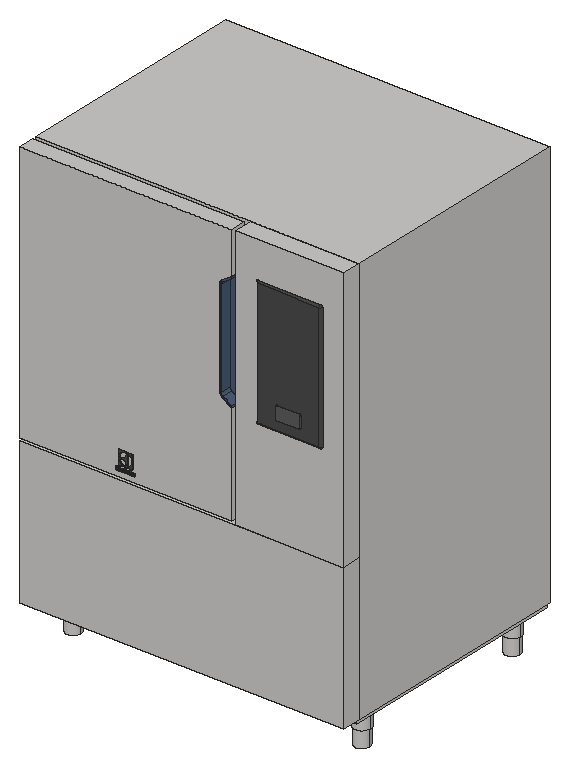
Revit family "QF_ELECTROLUXPROFESSIONAL_727741_EBFA12RE", category Specialty Equipment, Revit 2018 (continued)
Lines and regions (mm)
  Split face 219
    outline origin (170.176, -292.149, -241.619) x (-1, 0, 0) y (0, 0, -1)
      loop
        line (846.638, -548.639) -> (956.654, -548.639) -> (956.654, -543.665) -> (846.638, -543.665) -> (846.638, -548.639)
  Split face 220
    outline origin (170.176, -292.149, -232.119) x (-1, 0, 0) y (0, 0, -1)
      loop
        line (846.638, -548.639) -> (956.654, -548.639) -> (956.654, -543.665) -> (846.638, -543.665) -> (846.638, -548.639)
  Split face 221
    outline origin (170.176, -292.149, -222.619) x (-1, 0, 0) y (0, 0, -1)
      loop
        line (846.638, -548.639) -> (956.654, -548.639) -> (956.654, -543.665) -> (846.638, -543.665) -> (846.638, -548.639)
  Split face 222
    outline origin (170.176, -292.149, -213.119) x (-1, 0, 0) y (0, 0, -1)
      loop
        line (846.638, -548.639) -> (956.654, -548.639) -> (956.654, -543.665) -> (846.638, -543.665) -> (846.638, -548.639)
  Split face 223
    outline origin (170.176, -292.149, -203.619) x (-1, 0, 0) y (0, 0, -1)
      loop
        line (846.638, -548.639) -> (956.654, -548.639) -> (956.654, -543.665) -> (846.638, -543.665) -> (846.638, -548.639)
  Split face 224
    outline origin (170.176, -292.149, -194.118) x (-1, 0, 0) y (0, 0, -1)
      loop
        line (846.638, -548.639) -> (956.654, -548.639) -> (956.654, -543.665) -> (846.638, -543.665) -> (846.638, -548.639)
  Split face 225
    outline origin (170.176, -292.149, -184.618) x (-1, 0, 0) y (0, 0, -1)
      loop
        line (846.638, -548.639) -> (956.654, -548.639) -> (956.654, -543.665) -> (846.638, -543.665) -> (846.638, -548.639)
  Split face 226
    outline origin (170.176, -292.149, -175.118) x (-1, 0, 0) y (0, 0, -1)
      loop
        line (846.638, -548.639) -> (956.654, -548.639) -> (956.654, -543.665) -> (846.638, -543.665) -> (846.638, -548.639)
  Split face 227
    outline origin (170.176, -292.149, -165.618) x (-1, 0, 0) y (0, 0, -1)
      loop
        line (846.638, -548.639) -> (956.654, -548.639) -> (956.654, -543.665) -> (846.638, -543.665) -> (846.638, -548.639)
  Split face 228
    outline origin (170.176, -292.149, -156.118) x (-1, 0, 0) y (0, 0, -1)
      loop
        line (846.638, -548.639) -> (956.654, -548.639) -> (956.654, -543.665) -> (846.638, -543.665) -> (846.638, -548.639)
  Split face 229
    outline origin (170.176, -292.149, -146.618) x (-1, 0, 0) y (0, 0, -1)
      loop
        line (846.638, -548.639) -> (956.654, -548.639) -> (956.654, -543.665) -> (846.638, -543.665) -> (846.638, -548.639)
  Split face 230
    outline origin (170.176, -292.149, -137.118) x (-1, 0, 0) y (0, 0, -1)
      loop
        line (846.638, -548.639) -> (956.654, -548.639) -> (956.654, -543.665) -> (846.638, -543.665) -> (846.638, -548.639)
  Split face 231
    outline origin (170.176, -292.149, -127.618) x (-1, 0, 0) y (0, 0, -1)
      loop
        line (846.638, -548.639) -> (956.654, -548.639) -> (956.654, -543.665) -> (846.638, -543.665) -> (846.638, -548.639)
  Split face 232
    outline origin (170.176, -292.149, -118.118) x (-1, 0, 0) y (0, 0, -1)
      loop
        line (846.638, -548.639) -> (956.654, -548.639) -> (956.654, -543.665) -> (846.638, -543.665) -> (846.638, -548.639)
  Split face 233
    outline origin (170.176, -292.149, -108.618) x (-1, 0, 0) y (0, 0, -1)
      loop
        line (846.638, -548.639) -> (956.654, -548.639) -> (956.654, -543.665) -> (846.638, -543.665) -> (846.638, -548.639)
  Split face 234
    outline origin (170.176, -292.149, -99.118) x (-1, 0, 0) y (0, 0, -1)
      loop
        line (846.638, -548.639) -> (956.654, -548.639) -> (956.654, -543.665) -> (846.638, -543.665) -> (846.638, -548.639)
  Split face 235
    outline origin (170.176, -292.149, -89.618) x (-1, 0, 0) y (0, 0, -1)
      loop
        line (846.638, -548.639) -> (956.654, -548.639) -> (956.654, -543.665) -> (846.638, -543.665) -> (846.638, -548.639)
  Split face 236
    outline origin (170.176, -292.149, -80.117) x (-1, 0, 0) y (0, 0, -1)
      loop
        line (846.638, -548.639) -> (956.654, -548.639) -> (956.654, -543.665) -> (846.638, -543.665) -> (846.638, -548.639)
  Split face 237
    outline origin (170.176, -292.149, -70.617) x (-1, 0, 0) y (0, 0, -1)
      loop
        line (846.638, -548.639) -> (956.654, -548.639) -> (956.654, -543.665) -> (846.638, -543.665) -> (846.638, -548.639)
  Split face 238
    outline origin (170.176, -292.149, -61.117) x (-1, 0, 0) y (0, 0, -1)
      loop
        line (846.638, -548.639) -> (956.654, -548.639) -> (956.654, -543.665) -> (846.638, -543.665) -> (846.638, -548.639)
  Split face 239
    outline origin (170.176, -292.149, -51.617) x (-1, 0, 0) y (0, 0, -1)
      loop
        line (846.638, -548.639) -> (956.654, -548.639) -> (956.654, -543.665) -> (846.638, -543.665) -> (846.638, -548.639)
  Split face 240
    outline origin (170.176, -292.149, -42.117) x (-1, 0, 0) y (0, 0, -1)
      loop
        line (846.638, -548.639) -> (956.654, -548.639) -> (956.654, -543.665) -> (846.638, -543.665) -> (846.638, -548.639)
  Split face 241
    outline origin (170.176, -292.149, -32.617) x (-1, 0, 0) y (0, 0, -1)
      loop
        line (846.638, -548.639) -> (956.654, -548.639) -> (956.654, -543.665) -> (846.638, -543.665) -> (846.638, -548.639)
  Split face 242
    outline origin (170.176, -292.149, -23.117) x (-1, 0, 0) y (0, 0, -1)
      loop
        line (846.638, -548.639) -> (956.654, -548.639) -> (956.654, -543.665) -> (846.638, -543.665) -> (846.638, -548.639)
  Split face 243
    outline origin (170.176, -292.149, -13.617) x (-1, 0, 0) y (0, 0, -1)
      loop
        line (846.638, -548.639) -> (956.654, -548.639) -> (956.654, -543.665) -> (846.638, -543.665) -> (846.638, -548.639)
  Split face 244
    outline origin (170.176, -292.149, -4.117) x (-1, 0, 0) y (0, 0, -1)
      loop
        line (846.638, -548.639) -> (956.654, -548.639) -> (956.654, -543.665) -> (846.638, -543.665) -> (846.638, -548.639)
  Split face 245
    outline origin (170.176, -292.149, 5.383) x (-1, 0, 0) y (0, 0, -1)
      loop
        line (846.638, -548.639) -> (956.654, -548.639) -> (956.654, -543.665) -> (846.638, -543.665) -> (846.638, -548.639)
  Split face 246
    outline origin (170.176, -292.149, 14.883) x (-1, 0, 0) y (0, 0, -1)
      loop
        line (846.638, -548.639) -> (956.654, -548.639) -> (956.654, -543.665) -> (846.638, -543.665) -> (846.638, -548.639)
  Split face 247
    outline origin (50.185, -292.149, -365.12) x (-1, 0, 0) y (0, 0, -1)
      loop
        line (846.638, -548.639) -> (956.654, -548.639) -> (956.654, -543.665) -> (846.638, -543.665) -> (846.638, -548.639)
  Split face 248
    outline origin (50.185, -292.149, -355.62) x (-1, 0, 0) y (0, 0, -1)
      loop
        line (846.638, -548.639) -> (956.654, -548.639) -> (956.654, -543.665) -> (846.638, -543.665) -> (846.638, -548.639)
  Split face 249
    outline origin (50.185, -292.149, -346.12) x (-1, 0, 0) y (0, 0, -1)
      loop
        line (846.638, -548.639) -> (956.654, -548.639) -> (956.654, -543.665) -> (846.638, -543.665) -> (846.638, -548.639)
  Split face 250
    outline origin (50.185, -292.149, -336.62) x (-1, 0, 0) y (0, 0, -1)
      loop
        line (846.638, -548.639) -> (956.654, -548.639) -> (956.654, -543.665) -> (846.638, -543.665) -> (846.638, -548.639)
  Split face 251
    outline origin (50.185, -292.149, -327.12) x (-1, 0, 0) y (0, 0, -1)
      loop
        line (846.638, -548.639) -> (956.654, -548.639) -> (956.654, -543.665) -> (846.638, -543.665) -> (846.638, -548.639)
  Split face 252
    outline origin (50.185, -292.149, -317.619) x (-1, 0, 0) y (0, 0, -1)
      loop
        line (846.638, -548.639) -> (956.654, -548.639) -> (956.654, -543.665) -> (846.638, -543.665) -> (846.638, -548.639)
  Split face 253
    outline origin (50.185, -292.149, -308.119) x (-1, 0, 0) y (0, 0, -1)
      loop
        line (846.638, -548.639) -> (956.654, -548.639) -> (956.654, -543.665) -> (846.638, -543.665) -> (846.638, -548.639)
  Split face 254
    outline origin (50.185, -292.149, -298.619) x (-1, 0, 0) y (0, 0, -1)
      loop
        line (846.638, -548.639) -> (956.654, -548.639) -> (956.654, -543.665) -> (846.638, -543.665) -> (846.638, -548.639)
  Split face 255
    outline origin (50.185, -292.149, -289.119) x (-1, 0, 0) y (0, 0, -1)
      loop
        line (846.638, -548.639) -> (956.654, -548.639) -> (956.654, -543.665) -> (846.638, -543.665) -> (846.638, -548.639)
  Split face 256
    outline origin (50.185, -292.149, -279.619) x (-1, 0, 0) y (0, 0, -1)
      loop
        line (846.638, -548.639) -> (956.654, -548.639) -> (956.654, -543.665) -> (846.638, -543.665) -> (846.638, -548.639)
  Split face 257
    outline origin (50.185, -292.149, -270.119) x (-1, 0, 0) y (0, 0, -1)
      loop
        line (846.638, -548.639) -> (956.654, -548.639) -> (956.654, -543.665) -> (846.638, -543.665) -> (846.638, -548.639)
  Split face 258
    outline origin (50.185, -292.149, -260.619) x (-1, 0, 0) y (0, 0, -1)
      loop
        line (846.638, -548.639) -> (956.654, -548.639) -> (956.654, -543.665) -> (846.638, -543.665) -> (846.638, -548.639)
  Split face 259
    outline origin (50.185, -292.149, -251.119) x (-1, 0, 0) y (0, 0, -1)
      loop
        line (846.638, -548.639) -> (956.654, -548.639) -> (956.654, -543.665) -> (846.638, -543.665) -> (846.638, -548.639)
  Split face 260
    outline origin (50.185, -292.149, -241.619) x (-1, 0, 0) y (0, 0, -1)
      loop
        line (846.638, -548.639) -> (956.654, -548.639) -> (956.654, -543.665) -> (846.638, -543.665) -> (846.638, -548.639)
  Split face 261
    outline origin (50.185, -292.149, -232.119) x (-1, 0, 0) y (0, 0, -1)
      loop
        line (846.638, -548.639) -> (956.654, -548.639) -> (956.654, -543.665) -> (846.638, -543.665) -> (846.638, -548.639)
  Split face 262
    outline origin (50.185, -292.149, -222.619) x (-1, 0, 0) y (0, 0, -1)
      loop
        line (846.638, -548.639) -> (956.654, -548.639) -> (956.654, -543.665) -> (846.638, -543.665) -> (846.638, -548.639)
  Split face 263
    outline origin (50.185, -292.149, -213.119) x (-1, 0, 0) y (0, 0, -1)
      loop
        line (846.638, -548.639) -> (956.654, -548.639) -> (956.654, -543.665) -> (846.638, -543.665) -> (846.638, -548.639)
  Split face 264
    outline origin (50.185, -292.149, -203.619) x (-1, 0, 0) y (0, 0, -1)
      loop
        line (846.638, -548.639) -> (956.654, -548.639) -> (956.654, -543.665) -> (846.638, -543.665) -> (846.638, -548.639)
  Split face 265
    outline origin (50.185, -292.149, -194.118) x (-1, 0, 0) y (0, 0, -1)
      loop
        line (846.638, -548.639) -> (956.654, -548.639) -> (956.654, -543.665) -> (846.638, -543.665) -> (846.638, -548.639)
  Split face 266
    outline origin (50.185, -292.149, -184.618) x (-1, 0, 0) y (0, 0, -1)
      loop
        line (846.638, -548.639) -> (956.654, -548.639) -> (956.654, -543.665) -> (846.638, -543.665) -> (846.638, -548.639)
  Split face 267
    outline origin (50.185, -292.149, -175.118) x (-1, 0, 0) y (0, 0, -1)
      loop
        line (846.638, -548.639) -> (956.654, -548.639) -> (956.654, -543.665) -> (846.638, -543.665) -> (846.638, -548.639)
  Split face 268
    outline origin (50.185, -292.149, -165.618) x (-1, 0, 0) y (0, 0, -1)
      loop
        line (846.638, -548.639) -> (956.654, -548.639) -> (956.654, -543.665) -> (846.638, -543.665) -> (846.638, -548.639)
  Split face 269
    outline origin (50.185, -292.149, -156.118) x (-1, 0, 0) y (0, 0, -1)
      loop
        line (846.638, -548.639) -> (956.654, -548.639) -> (956.654, -543.665) -> (846.638, -543.665) -> (846.638, -548.639)
  Split face 270
    outline origin (50.185, -292.149, -146.618) x (-1, 0, 0) y (0, 0, -1)
      loop
        line (846.638, -548.639) -> (956.654, -548.639) -> (956.654, -543.665) -> (846.638, -543.665) -> (846.638, -548.639)
  Split face 271
    outline origin (50.185, -292.149, -137.118) x (-1, 0, 0) y (0, 0, -1)
      loop
        line (846.638, -548.639) -> (956.654, -548.639) -> (956.654, -543.665) -> (846.638, -543.665) -> (846.638, -548.639)
  Split face 272
    outline origin (50.185, -292.149, -127.618) x (-1, 0, 0) y (0, 0, -1)
      loop
        line (846.638, -548.639) -> (956.654, -548.639) -> (956.654, -543.665) -> (846.638, -543.665) -> (846.638, -548.639)
  Split face 273
    outline origin (50.185, -292.149, -118.118) x (-1, 0, 0) y (0, 0, -1)
      loop
        line (846.638, -548.639) -> (956.654, -548.639) -> (956.654, -543.665) -> (846.638, -543.665) -> (846.638, -548.639)
  Split face 274
    outline origin (50.185, -292.149, -108.618) x (-1, 0, 0) y (0, 0, -1)
      loop
        line (846.638, -548.639) -> (956.654, -548.639) -> (956.654, -543.665) -> (846.638, -543.665) -> (846.638, -548.639)
  Split face 275
    outline origin (50.185, -292.149, -99.118) x (-1, 0, 0) y (0, 0, -1)
      loop
        line (846.638, -548.639) -> (956.654, -548.639) -> (956.654, -543.665) -> (846.638, -543.665) -> (846.638, -548.639)
  Split face 276
    outline origin (50.185, -292.149, -89.618) x (-1, 0, 0) y (0, 0, -1)
      loop
        line (846.638, -548.639) -> (956.654, -548.639) -> (956.654, -543.665) -> (846.638, -543.665) -> (846.638, -548.639)
  Split face 277
    outline origin (50.185, -292.149, -80.117) x (-1, 0, 0) y (0, 0, -1)
      loop
        line (846.638, -548.639) -> (956.654, -548.639) -> (956.654, -543.665) -> (846.638, -543.665) -> (846.638, -548.639)
  Split face 278
    outline origin (50.185, -292.149, -70.617) x (-1, 0, 0) y (0, 0, -1)
      loop
        line (846.638, -548.639) -> (956.654, -548.639) -> (956.654, -543.665) -> (846.638, -543.665) -> (846.638, -548.639)
  Split face 279
    outline origin (50.185, -292.149, -61.117) x (-1, 0, 0) y (0, 0, -1)
      loop
        line (846.638, -548.639) -> (956.654, -548.639) -> (956.654, -543.665) -> (846.638, -543.665) -> (846.638, -548.639)
  Split face 280
    outline origin (50.185, -292.149, -51.617) x (-1, 0, 0) y (0, 0, -1)
      loop
        line (846.638, -548.639) -> (956.654, -548.639) -> (956.654, -543.665) -> (846.638, -543.665) -> (846.638, -548.639)
  Split face 281
    outline origin (50.185, -292.149, -42.117) x (-1, 0, 0) y (0, 0, -1)
      loop
        line (846.638, -548.639) -> (956.654, -548.639) -> (956.654, -543.665) -> (846.638, -543.665) -> (846.638, -548.639)
  Split face 282
    outline origin (50.185, -292.149, -32.617) x (-1, 0, 0) y (0, 0, -1)
      loop
        line (846.638, -548.639) -> (956.654, -548.639) -> (956.654, -543.665) -> (846.638, -543.665) -> (846.638, -548.639)
  Split face 283
    outline origin (50.185, -292.149, -23.117) x (-1, 0, 0) y (0, 0, -1)
      loop
        line (846.638, -548.639) -> (956.654, -548.639) -> (956.654, -543.665) -> (846.638, -543.665) -> (846.638, -548.639)
  Split face 284
    outline origin (50.185, -292.149, -13.617) x (-1, 0, 0) y (0, 0, -1)
      loop
        line (846.638, -548.639) -> (956.654, -548.639) -> (956.654, -543.665) -> (846.638, -543.665) -> (846.638, -548.639)
  Split face 285
    outline origin (50.185, -292.149, -4.117) x (-1, 0, 0) y (0, 0, -1)
      loop
        line (846.638, -548.639) -> (956.654, -548.639) -> (956.654, -543.665) -> (846.638, -543.665) -> (846.638, -548.639)
  Split face 286
    outline origin (50.185, -292.149, 5.383) x (-1, 0, 0) y (0, 0, -1)
      loop
        line (846.638, -548.639) -> (956.654, -548.639) -> (956.654, -543.665) -> (846.638, -543.665) -> (846.638, -548.639)
  Split face 287
    outline origin (50.185, -292.149, 14.883) x (-1, 0, 0) y (0, 0, -1)
      loop
        line (846.638, -548.639) -> (956.654, -548.639) -> (956.654, -543.665) -> (846.638, -543.665) -> (846.638, -548.639)
  Split face 288
    outline origin (530.15, -292.149, -365.12) x (-1, 0, 0) y (0, 0, -1)
      loop
        line (846.638, -548.639) -> (956.654, -548.639) -> (956.654, -543.665) -> (846.638, -543.665) -> (846.638, -548.639)
  Split face 289
    outline origin (530.15, -292.149, -355.62) x (-1, 0, 0) y (0, 0, -1)
      loop
        line (846.638, -548.639) -> (956.654, -548.639) -> (956.654, -543.665) -> (846.638, -543.665) -> (846.638, -548.639)
  Split face 290
    outline origin (530.15, -292.149, -346.12) x (-1, 0, 0) y (0, 0, -1)
      loop
        line (846.638, -548.639) -> (956.654, -548.639) -> (956.654, -543.665) -> (846.638, -543.665) -> (846.638, -548.639)
  Split face 291
    outline origin (530.15, -292.149, -336.62) x (-1, 0, 0) y (0, 0, -1)
      loop
        line (846.638, -548.639) -> (956.654, -548.639) -> (956.654, -543.665) -> (846.638, -543.665) -> (846.638, -548.639)
  Split face 292
    outline origin (530.15, -292.149, -327.12) x (-1, 0, 0) y (0, 0, -1)
      loop
        line (846.638, -548.639) -> (956.654, -548.639) -> (956.654, -543.665) -> (846.638, -543.665) -> (846.638, -548.639)
  Split face 293
    outline origin (530.15, -292.149, -317.619) x (-1, 0, 0) y (0, 0, -1)
      loop
        line (846.638, -548.639) -> (956.654, -548.639) -> (956.654, -543.665) -> (846.638, -543.665) -> (846.638, -548.639)
  Split face 294
    outline origin (530.15, -292.149, -308.119) x (-1, 0, 0) y (0, 0, -1)
      loop
        line (846.638, -548.639) -> (956.654, -548.639) -> (956.654, -543.665) -> (846.638, -543.665) -> (846.638, -548.639)
  Split face 295
    outline origin (530.15, -292.149, -298.619) x (-1, 0, 0) y (0, 0, -1)
      loop
        line (846.638, -548.639) -> (956.654, -548.639) -> (956.654, -543.665) -> (846.638, -543.665) -> (846.638, -548.639)
  Split face 296
    outline origin (530.15, -292.149, -289.119) x (-1, 0, 0) y (0, 0, -1)
      loop
        line (846.638, -548.639) -> (956.654, -548.639) -> (956.654, -543.665) -> (846.638, -543.665) -> (846.638, -548.639)
  Split face 297
    outline origin (530.15, -292.149, -279.619) x (-1, 0, 0) y (0, 0, -1)
      loop
        line (846.638, -548.639) -> (956.654, -548.639) -> (956.654, -543.665) -> (846.638, -543.665) -> (846.638, -548.639)
  Split face 298
    outline origin (530.15, -292.149, -270.119) x (-1, 0, 0) y (0, 0, -1)
      loop
        line (846.638, -548.639) -> (956.654, -548.639) -> (956.654, -543.665) -> (846.638, -543.665) -> (846.638, -548.639)
  Split face 299
    outline origin (530.15, -292.149, -260.619) x (-1, 0, 0) y (0, 0, -1)
      loop
        line (846.638, -548.639) -> (956.654, -548.639) -> (956.654, -543.665) -> (846.638, -543.665) -> (846.638, -548.639)
  Split face 300
    outline origin (530.15, -292.149, -251.119) x (-1, 0, 0) y (0, 0, -1)
      loop
        line (846.638, -548.639) -> (956.654, -548.639) -> (956.654, -543.665) -> (846.638, -543.665) -> (846.638, -548.639)
  Split face 301
    outline origin (530.15, -292.149, -241.619) x (-1, 0, 0) y (0, 0, -1)
      loop
        line (846.638, -548.639) -> (956.654, -548.639) -> (956.654, -543.665) -> (846.638, -543.665) -> (846.638, -548.639)
  Split face 302
    outline origin (530.15, -292.149, -232.119) x (-1, 0, 0) y (0, 0, -1)
      loop
        line (846.638, -548.639) -> (956.654, -548.639) -> (956.654, -543.665) -> (846.638, -543.665) -> (846.638, -548.639)
  Split face 303
    outline origin (530.15, -292.149, -222.619) x (-1, 0, 0) y (0, 0, -1)
      loop
        line (846.638, -548.639) -> (956.654, -548.639) -> (956.654, -543.665) -> (846.638, -543.665) -> (846.638, -548.639)
  Split face 304
    outline origin (530.15, -292.149, -213.119) x (-1, 0, 0) y (0, 0, -1)
      loop
        line (846.638, -548.639) -> (956.654, -548.639) -> (956.654, -543.665) -> (846.638, -543.665) -> (846.638, -548.639)
  Split face 305
    outline origin (530.15, -292.149, -203.619) x (-1, 0, 0) y (0, 0, -1)
      loop
        line (846.638, -548.639) -> (956.654, -548.639) -> (956.654, -543.665) -> (846.638, -543.665) -> (846.638, -548.639)
  Split face 306
    outline origin (530.15, -292.149, -194.118) x (-1, 0, 0) y (0, 0, -1)
      loop
        line (846.638, -548.639) -> (956.654, -548.639) -> (956.654, -543.665) -> (846.638, -543.665) -> (846.638, -548.639)
  Split face 307
    outline origin (530.15, -292.149, -184.618) x (-1, 0, 0) y (0, 0, -1)
      loop
        line (846.638, -548.639) -> (956.654, -548.639) -> (956.654, -543.665) -> (846.638, -543.665) -> (846.638, -548.639)
  Split face 308
    outline origin (530.15, -292.149, -175.118) x (-1, 0, 0) y (0, 0, -1)
      loop
        line (846.638, -548.639) -> (956.654, -548.639) -> (956.654, -543.665) -> (846.638, -543.665) -> (846.638, -548.639)
  Split face 309
    outline origin (530.15, -292.149, -165.618) x (-1, 0, 0) y (0, 0, -1)
      loop
        line (846.638, -548.639) -> (956.654, -548.639) -> (956.654, -543.665) -> (846.638, -543.665) -> (846.638, -548.639)
  Split face 310
    outline origin (530.15, -292.149, -156.118) x (-1, 0, 0) y (0, 0, -1)
      loop
        line (846.638, -548.639) -> (956.654, -548.639) -> (956.654, -543.665) -> (846.638, -543.665) -> (846.638, -548.639)
  Split face 311
    outline origin (530.15, -292.149, -146.618) x (-1, 0, 0) y (0, 0, -1)
      loop
        line (846.638, -548.639) -> (956.654, -548.639) -> (956.654, -543.665) -> (846.638, -543.665) -> (846.638, -548.639)
  Split face 312
    outline origin (530.15, -292.149, -137.118) x (-1, 0, 0) y (0, 0, -1)
      loop
        line (846.638, -548.639) -> (956.654, -548.639) -> (956.654, -543.665) -> (846.638, -543.665) -> (846.638, -548.639)
  Split face 313
    outline origin (530.15, -292.149, -127.618) x (-1, 0, 0) y (0, 0, -1)
      loop
        line (846.638, -548.639) -> (956.654, -548.639) -> (956.654, -543.665) -> (846.638, -543.665) -> (846.638, -548.639)
  Split face 314
    outline origin (530.15, -292.149, -118.118) x (-1, 0, 0) y (0, 0, -1)
      loop
        line (846.638, -548.639) -> (956.654, -548.639) -> (956.654, -543.665) -> (846.638, -543.665) -> (846.638, -548.639)
  Split face 315
    outline origin (530.15, -292.149, -108.618) x (-1, 0, 0) y (0, 0, -1)
      loop
        line (846.638, -548.639) -> (956.654, -548.639) -> (956.654, -543.665) -> (846.638, -543.665) -> (846.638, -548.639)
  Split face 316
    outline origin (530.15, -292.149, -99.118) x (-1, 0, 0) y (0, 0, -1)
      loop
        line (846.638, -548.639) -> (956.654, -548.639) -> (956.654, -543.665) -> (846.638, -543.665) -> (846.638, -548.639)
  Split face 317
    outline origin (530.15, -292.149, -89.618) x (-1, 0, 0) y (0, 0, -1)
      loop
        line (846.638, -548.639) -> (956.654, -548.639) -> (956.654, -543.665) -> (846.638, -543.665) -> (846.638, -548.639)
  Split face 318
    outline origin (530.15, -292.149, -80.117) x (-1, 0, 0) y (0, 0, -1)
      loop
        line (846.638, -548.639) -> (956.654, -548.639) -> (956.654, -543.665) -> (846.638, -543.665) -> (846.638, -548.639)
  Split face 319
    outline origin (530.15, -292.149, -70.617) x (-1, 0, 0) y (0, 0, -1)
      loop
        line (846.638, -548.639) -> (956.654, -548.639) -> (956.654, -543.665) -> (846.638, -543.665) -> (846.638, -548.639)
  Split face 320
    outline origin (530.15, -292.149, -61.117) x (-1, 0, 0) y (0, 0, -1)
      loop
        line (846.638, -548.639) -> (956.654, -548.639) -> (956.654, -543.665) -> (846.638, -543.665) -> (846.638, -548.639)
  Split face 321
    outline origin (530.15, -292.149, -51.617) x (-1, 0, 0) y (0, 0, -1)
      loop
        line (846.638, -548.639) -> (956.654, -548.639) -> (956.654, -543.665) -> (846.638, -543.665) -> (846.638, -548.639)
  Split face 322
    outline origin (530.15, -292.149, -42.117) x (-1, 0, 0) y (0, 0, -1)
      loop
        line (846.638, -548.639) -> (956.654, -548.639) -> (956.654, -543.665) -> (846.638, -543.665) -> (846.638, -548.639)
  Split face 323
    outline origin (530.15, -292.149, -32.617) x (-1, 0, 0) y (0, 0, -1)
      loop
        line (846.638, -548.639) -> (956.654, -548.639) -> (956.654, -543.665) -> (846.638, -543.665) -> (846.638, -548.639)
  Split face 324
    outline origin (530.15, -292.149, -23.117) x (-1, 0, 0) y (0, 0, -1)
      loop
        line (846.638, -548.639) -> (956.654, -548.639) -> (956.654, -543.665) -> (846.638, -543.665) -> (846.638, -548.639)
  Split face 325
    outline origin (530.15, -292.149, -13.617) x (-1, 0, 0) y (0, 0, -1)
      loop
        line (846.638, -548.639) -> (956.654, -548.639) -> (956.654, -543.665) -> (846.638, -543.665) -> (846.638, -548.639)
  Split face 326
    outline origin (530.15, -292.149, -4.117) x (-1, 0, 0) y (0, 0, -1)
      loop
        line (846.638, -548.639) -> (956.654, -548.639) -> (956.654, -543.665) -> (846.638, -543.665) -> (846.638, -548.639)
  Split face 327
    outline origin (530.15, -292.149, 5.383) x (-1, 0, 0) y (0, 0, -1)
      loop
        line (846.638, -548.639) -> (956.654, -548.639) -> (956.654, -543.665) -> (846.638, -543.665) -> (846.638, -548.639)
  Split face 328
    outline origin (530.15, -292.149, 14.883) x (-1, 0, 0) y (0, 0, -1)
      loop
        line (846.638, -548.639) -> (956.654, -548.639) -> (956.654, -543.665) -> (846.638, -543.665) -> (846.638, -548.639)
  Split face 329
    outline origin (410.159, -292.149, -365.12) x (-1, 0, 0) y (0, 0, -1)
      loop
        line (846.638, -548.639) -> (956.654, -548.639) -> (956.654, -543.665) -> (846.638, -543.665) -> (846.638, -548.639)
  Split face 330
    outline origin (410.159, -292.149, -355.62) x (-1, 0, 0) y (0, 0, -1)
      loop
        line (846.638, -548.639) -> (956.654, -548.639) -> (956.654, -543.665) -> (846.638, -543.665) -> (846.638, -548.639)
  Split face 331
    outline origin (410.159, -292.149, -346.12) x (-1, 0, 0) y (0, 0, -1)
      loop
        line (846.638, -548.639) -> (956.654, -548.639) -> (956.654, -543.665) -> (846.638, -543.665) -> (846.638, -548.639)
  Split face 332
    outline origin (410.159, -292.149, -336.62) x (-1, 0, 0) y (0, 0, -1)
      loop
        line (846.638, -548.639) -> (956.654, -548.639) -> (956.654, -543.665) -> (846.638, -543.665) -> (846.638, -548.639)
  Split face 333
    outline origin (410.159, -292.149, -327.12) x (-1, 0, 0) y (0, 0, -1)
      loop
        line (846.638, -548.639) -> (956.654, -548.639) -> (956.654, -543.665) -> (846.638, -543.665) -> (846.638, -548.639)
  Split face 334
    outline origin (410.159, -292.149, -317.619) x (-1, 0, 0) y (0, 0, -1)
      loop
        line (846.638, -548.639) -> (956.654, -548.639) -> (956.654, -543.665) -> (846.638, -543.665) -> (846.638, -548.639)
  Split face 335
    outline origin (410.159, -292.149, -308.119) x (-1, 0, 0) y (0, 0, -1)
      loop
        line (846.638, -548.639) -> (956.654, -548.639) -> (956.654, -543.665) -> (846.638, -543.665) -> (846.638, -548.639)
  Split face 336
    outline origin (410.159, -292.149, -298.619) x (-1, 0, 0) y (0, 0, -1)
      loop
        line (846.638, -548.639) -> (956.654, -548.639) -> (956.654, -543.665) -> (846.638, -543.665) -> (846.638, -548.639)
  Split face 337
    outline origin (410.159, -292.149, -289.119) x (-1, 0, 0) y (0, 0, -1)
      loop
        line (846.638, -548.639) -> (956.654, -548.639) -> (956.654, -543.665) -> (846.638, -543.665) -> (846.638, -548.639)
  Split face 338
    outline origin (410.159, -292.149, -279.619) x (-1, 0, 0) y (0, 0, -1)
      loop
        line (846.638, -548.639) -> (956.654, -548.639) -> (956.654, -543.665) -> (846.638, -543.665) -> (846.638, -548.639)
  Split face 339
    outline origin (410.159, -292.149, -270.119) x (-1, 0, 0) y (0, 0, -1)
      loop
        line (846.638, -548.639) -> (956.654, -548.639) -> (956.654, -543.665) -> (846.638, -543.665) -> (846.638, -548.639)
  Split face 340
    outline origin (410.159, -292.149, -260.619) x (-1, 0, 0) y (0, 0, -1)
      loop
        line (846.638, -548.639) -> (956.654, -548.639) -> (956.654, -543.665) -> (846.638, -543.665) -> (846.638, -548.639)
  Split face 341
    outline origin (410.159, -292.149, -251.119) x (-1, 0, 0) y (0, 0, -1)
      loop
        line (846.638, -548.639) -> (956.654, -548.639) -> (956.654, -543.665) -> (846.638, -543.665) -> (846.638, -548.639)
  Split face 342
    outline origin (410.159, -292.149, -241.619) x (-1, 0, 0) y (0, 0, -1)
      loop
        line (846.638, -548.639) -> (956.654, -548.639) -> (956.654, -543.665) -> (846.638, -543.665) -> (846.638, -548.639)
  Split face 343
    outline origin (410.159, -292.149, -232.119) x (-1, 0, 0) y (0, 0, -1)
      loop
        line (846.638, -548.639) -> (956.654, -548.639) -> (956.654, -543.665) -> (846.638, -543.665) -> (846.638, -548.639)
  Split face 344
    outline origin (410.159, -292.149, -222.619) x (-1, 0, 0) y (0, 0, -1)
      loop
        line (846.638, -548.639) -> (956.654, -548.639) -> (956.654, -543.665) -> (846.638, -543.665) -> (846.638, -548.639)
  Split face 345
    outline origin (410.159, -292.149, -213.119) x (-1, 0, 0) y (0, 0, -1)
      loop
        line (846.638, -548.639) -> (956.654, -548.639) -> (956.654, -543.665) -> (846.638, -543.665) -> (846.638, -548.639)
  Split face 346
    outline origin (410.159, -292.149, -203.619) x (-1, 0, 0) y (0, 0, -1)
      loop
        line (846.638, -548.639) -> (956.654, -548.639) -> (956.654, -543.665) -> (846.638, -543.665) -> (846.638, -548.639)
  Split face 347
    outline origin (410.159, -292.149, -194.118) x (-1, 0, 0) y (0, 0, -1)
      loop
        line (846.638, -548.639) -> (956.654, -548.639) -> (956.654, -543.665) -> (846.638, -543.665) -> (846.638, -548.639)
  Split face 348
    outline origin (410.159, -292.149, -184.618) x (-1, 0, 0) y (0, 0, -1)
      loop
        line (846.638, -548.639) -> (956.654, -548.639) -> (956.654, -543.665) -> (846.638, -543.665) -> (846.638, -548.639)
  Split face 349
    outline origin (410.159, -292.149, -175.118) x (-1, 0, 0) y (0, 0, -1)
      loop
        line (846.638, -548.639) -> (956.654, -548.639) -> (956.654, -543.665) -> (846.638, -543.665) -> (846.638, -548.639)
  Split face 350
    outline origin (410.159, -292.149, -165.618) x (-1, 0, 0) y (0, 0, -1)
      loop
        line (846.638, -548.639) -> (956.654, -548.639) -> (956.654, -543.665) -> (846.638, -543.665) -> (846.638, -548.639)
  Split face 351
    outline origin (410.159, -292.149, -156.118) x (-1, 0, 0) y (0, 0, -1)
      loop
        line (846.638, -548.639) -> (956.654, -548.639) -> (956.654, -543.665) -> (846.638, -543.665) -> (846.638, -548.639)
  Split face 352
    outline origin (410.159, -292.149, -146.618) x (-1, 0, 0) y (0, 0, -1)
      loop
        line (846.638, -548.639) -> (956.654, -548.639) -> (956.654, -543.665) -> (846.638, -543.665) -> (846.638, -548.639)
  Split face 353
    outline origin (410.159, -292.149, -137.118) x (-1, 0, 0) y (0, 0, -1)
      loop
        line (846.638, -548.639) -> (956.654, -548.639) -> (956.654, -543.665) -> (846.638, -543.665) -> (846.638, -548.639)
  Split face 354
    outline origin (410.159, -292.149, -127.618) x (-1, 0, 0) y (0, 0, -1)
      loop
        line (846.638, -548.639) -> (956.654, -548.639) -> (956.654, -543.665) -> (846.638, -543.665) -> (846.638, -548.639)
  Split face 355
    outline origin (410.159, -292.149, -118.118) x (-1, 0, 0) y (0, 0, -1)
      loop
        line (846.638, -548.639) -> (956.654, -548.639) -> (956.654, -543.665) -> (846.638, -543.665) -> (846.638, -548.639)
  Split face 356
    outline origin (410.159, -292.149, -108.618) x (-1, 0, 0) y (0, 0, -1)
      loop
        line (846.638, -548.639) -> (956.654, -548.639) -> (956.654, -543.665) -> (846.638, -543.665) -> (846.638, -548.639)
  Split face 357
    outline origin (410.159, -292.149, -99.118) x (-1, 0, 0) y (0, 0, -1)
      loop
        line (846.638, -548.639) -> (956.654, -548.639) -> (956.654, -543.665) -> (846.638, -543.665) -> (846.638, -548.639)
  Split face 358
    outline origin (410.159, -292.149, -89.618) x (-1, 0, 0) y (0, 0, -1)
      loop
        line (846.638, -548.639) -> (956.654, -548.639) -> (956.654, -543.665) -> (846.638, -543.665) -> (846.638, -548.639)
  Split face 359
    outline origin (410.159, -292.149, -80.117) x (-1, 0, 0) y (0, 0, -1)
      loop
        line (846.638, -548.639) -> (956.654, -548.639) -> (956.654, -543.665) -> (846.638, -543.665) -> (846.638, -548.639)
  Split face 360
    outline origin (410.159, -292.149, -70.617) x (-1, 0, 0) y (0, 0, -1)
      loop
        line (846.638, -548.639) -> (956.654, -548.639) -> (956.654, -543.665) -> (846.638, -543.665) -> (846.638, -548.639)
  Split face 361
    outline origin (410.159, -292.149, -61.117) x (-1, 0, 0) y (0, 0, -1)
      loop
        line (846.638, -548.639) -> (956.654, -548.639) -> (956.654, -543.665) -> (846.638, -543.665) -> (846.638, -548.639)
  Split face 362
    outline origin (410.159, -292.149, -51.617) x (-1, 0, 0) y (0, 0, -1)
      loop
        line (846.638, -548.639) -> (956.654, -548.639) -> (956.654, -543.665) -> (846.638, -543.665) -> (846.638, -548.639)
  Split face 363
    outline origin (410.159, -292.149, -42.117) x (-1, 0, 0) y (0, 0, -1)
      loop
        line (846.638, -548.639) -> (956.654, -548.639) -> (956.654, -543.665) -> (846.638, -543.665) -> (846.638, -548.639)
  Split face 364
    outline origin (410.159, -292.149, -32.617) x (-1, 0, 0) y (0, 0, -1)
      loop
        line (846.638, -548.639) -> (956.654, -548.639) -> (956.654, -543.665) -> (846.638, -543.665) -> (846.638, -548.639)
  Split face 365
    outline origin (410.159, -292.149, -23.117) x (-1, 0, 0) y (0, 0, -1)
      loop
        line (846.638, -548.639) -> (956.654, -548.639) -> (956.654, -543.665) -> (846.638, -543.665) -> (846.638, -548.639)
  Split face 366
    outline origin (410.159, -292.149, -13.617) x (-1, 0, 0) y (0, 0, -1)
      loop
        line (846.638, -548.639) -> (956.654, -548.639) -> (956.654, -543.665) -> (846.638, -543.665) -> (846.638, -548.639)
  Split face 367
    outline origin (410.159, -292.149, -4.117) x (-1, 0, 0) y (0, 0, -1)
      loop
        line (846.638, -548.639) -> (956.654, -548.639) -> (956.654, -543.665) -> (846.638, -543.665) -> (846.638, -548.639)
  Split face 368
    outline origin (410.159, -292.149, 5.383) x (-1, 0, 0) y (0, 0, -1)
      loop
        line (846.638, -548.639) -> (956.654, -548.639) -> (956.654, -543.665) -> (846.638, -543.665) -> (846.638, -548.639)
  Split face 369
    outline origin (410.159, -292.149, 14.883) x (-1, 0, 0) y (0, 0, -1)
      loop
        line (846.638, -548.639) -> (956.654, -548.639) -> (956.654, -543.665) -> (846.638, -543.665) -> (846.638, -548.639)
  Split face 370
    outline origin (650.142, -292.149, -365.12) x (-1, 0, 0) y (0, 0, -1)
      loop
        line (846.638, -548.639) -> (956.654, -548.639) -> (956.654, -543.665) -> (846.638, -543.665) -> (846.638, -548.639)
  Split face 371
    outline origin (650.142, -292.149, -355.62) x (-1, 0, 0) y (0, 0, -1)
      loop
        line (846.638, -548.639) -> (956.654, -548.639) -> (956.654, -543.665) -> (846.638, -543.665) -> (846.638, -548.639)
  Split face 372
    outline origin (650.142, -292.149, -346.12) x (-1, 0, 0) y (0, 0, -1)
      loop
        line (846.638, -548.639) -> (956.654, -548.639) -> (956.654, -543.665) -> (846.638, -543.665) -> (846.638, -548.639)
  Split face 373
    outline origin (650.142, -292.149, -336.62) x (-1, 0, 0) y (0, 0, -1)
      loop
        line (846.638, -548.639) -> (956.654, -548.639) -> (956.654, -543.665) -> (846.638, -543.665) -> (846.638, -548.639)
  Split face 374
    outline origin (650.142, -292.149, -327.12) x (-1, 0, 0) y (0, 0, -1)
      loop
        line (846.638, -548.639) -> (956.654, -548.639) -> (956.654, -543.665) -> (846.638, -543.665) -> (846.638, -548.639)
  Split face 375
    outline origin (650.142, -292.149, -317.619) x (-1, 0, 0) y (0, 0, -1)
      loop
        line (846.638, -548.639) -> (956.654, -548.639) -> (956.654, -543.665) -> (846.638, -543.665) -> (846.638, -548.639)
  Split face 376
    outline origin (650.142, -292.149, -308.119) x (-1, 0, 0) y (0, 0, -1)
      loop
        line (846.638, -548.639) -> (956.654, -548.639) -> (956.654, -543.665) -> (846.638, -543.665) -> (846.638, -548.639)
  Split face 377
    outline origin (650.142, -292.149, -298.619) x (-1, 0, 0) y (0, 0, -1)
      loop
        line (846.638, -548.639) -> (956.654, -548.639) -> (956.654, -543.665) -> (846.638, -543.665) -> (846.638, -548.639)
  Split face 378
    outline origin (650.142, -292.149, -289.119) x (-1, 0, 0) y (0, 0, -1)
      loop
        line (846.638, -548.639) -> (956.654, -548.639) -> (956.654, -543.665) -> (846.638, -543.665) -> (846.638, -548.639)
  Split face 379
    outline origin (650.142, -292.149, -279.619) x (-1, 0, 0) y (0, 0, -1)
      loop
        line (846.638, -548.639) -> (956.654, -548.639) -> (956.654, -543.665) -> (846.638, -543.665) -> (846.638, -548.639)
  Split face 380
    outline origin (650.142, -292.149, -270.119) x (-1, 0, 0) y (0, 0, -1)
      loop
        line (846.638, -548.639) -> (956.654, -548.639) -> (956.654, -543.665) -> (846.638, -543.665) -> (846.638, -548.639)
  Split face 381
    outline origin (650.142, -292.149, -260.619) x (-1, 0, 0) y (0, 0, -1)
      loop
        line (846.638, -548.639) -> (956.654, -548.639) -> (956.654, -543.665) -> (846.638, -543.665) -> (846.638, -548.639)
  Split face 382
    outline origin (650.142, -292.149, -251.119) x (-1, 0, 0) y (0, 0, -1)
      loop
        line (846.638, -548.639) -> (956.654, -548.639) -> (956.654, -543.665) -> (846.638, -543.665) -> (846.638, -548.639)
  Split face 383
    outline origin (650.142, -292.149, -241.619) x (-1, 0, 0) y (0, 0, -1)
      loop
        line (846.638, -548.639) -> (956.654, -548.639) -> (956.654, -543.665) -> (846.638, -543.665) -> (846.638, -548.639)
  Split face 384
    outline origin (650.142, -292.149, -232.119) x (-1, 0, 0) y (0, 0, -1)
      loop
        line (846.638, -548.639) -> (956.654, -548.639) -> (956.654, -543.665) -> (846.638, -543.665) -> (846.638, -548.639)
  Split face 385
    outline origin (650.142, -292.149, -222.619) x (-1, 0, 0) y (0, 0, -1)
      loop
        line (846.638, -548.639) -> (956.654, -548.639) -> (956.654, -543.665) -> (846.638, -543.665) -> (846.638, -548.639)
  Split face 386
    outline origin (650.142, -292.149, -213.119) x (-1, 0, 0) y (0, 0, -1)
      loop
        line (846.638, -548.639) -> (956.654, -548.639) -> (956.654, -543.665) -> (846.638, -543.665) -> (846.638, -548.639)
  Split face 387
    outline origin (650.142, -292.149, -203.619) x (-1, 0, 0) y (0, 0, -1)
      loop
        line (846.638, -548.639) -> (956.654, -548.639) -> (956.654, -543.665) -> (846.638, -543.665) -> (846.638, -548.639)
  Split face 388
    outline origin (650.142, -292.149, -194.118) x (-1, 0, 0) y (0, 0, -1)
      loop
        line (846.638, -548.639) -> (956.654, -548.639) -> (956.654, -543.665) -> (846.638, -543.665) -> (846.638, -548.639)
  Split face 389
    outline origin (650.142, -292.149, -184.618) x (-1, 0, 0) y (0, 0, -1)
      loop
        line (846.638, -548.639) -> (956.654, -548.639) -> (956.654, -543.665) -> (846.638, -543.665) -> (846.638, -548.639)
  Split face 390
    outline origin (650.142, -292.149, -175.118) x (-1, 0, 0) y (0, 0, -1)
      loop
        line (846.638, -548.639) -> (956.654, -548.639) -> (956.654, -543.665) -> (846.638, -543.665) -> (846.638, -548.639)
  Split face 391
    outline origin (650.142, -292.149, -165.618) x (-1, 0, 0) y (0, 0, -1)
      loop
        line (846.638, -548.639) -> (956.654, -548.639) -> (956.654, -543.665) -> (846.638, -543.665) -> (846.638, -548.639)
  Split face 392
    outline origin (650.142, -292.149, -156.118) x (-1, 0, 0) y (0, 0, -1)
      loop
        line (846.638, -548.639) -> (956.654, -548.639) -> (956.654, -543.665) -> (846.638, -543.665) -> (846.638, -548.639)
  Split face 393
    outline origin (650.142, -292.149, -146.618) x (-1, 0, 0) y (0, 0, -1)
      loop
        line (846.638, -548.639) -> (956.654, -548.639) -> (956.654, -543.665) -> (846.638, -543.665) -> (846.638, -548.639)
  Split face 394
    outline origin (650.142, -292.149, -137.118) x (-1, 0, 0) y (0, 0, -1)
      loop
        line (846.638, -548.639) -> (956.654, -548.639) -> (956.654, -543.665) -> (846.638, -543.665) -> (846.638, -548.639)
  Split face 395
    outline origin (650.142, -292.149, -127.618) x (-1, 0, 0) y (0, 0, -1)
      loop
        line (846.638, -548.639) -> (956.654, -548.639) -> (956.654, -543.665) -> (846.638, -543.665) -> (846.638, -548.639)
  Split face 396
    outline origin (650.142, -292.149, -118.118) x (-1, 0, 0) y (0, 0, -1)
      loop
        line (846.638, -548.639) -> (956.654, -548.639) -> (956.654, -543.665) -> (846.638, -543.665) -> (846.638, -548.639)
  Split face 397
    outline origin (650.142, -292.149, -108.618) x (-1, 0, 0) y (0, 0, -1)
      loop
        line (846.638, -548.639) -> (956.654, -548.639) -> (956.654, -543.665) -> (846.638, -543.665) -> (846.638, -548.639)
  Split face 398
    outline origin (650.142, -292.149, -99.118) x (-1, 0, 0) y (0, 0, -1)
      loop
        line (846.638, -548.639) -> (956.654, -548.639) -> (956.654, -543.665) -> (846.638, -543.665) -> (846.638, -548.639)
  Split face 399
    outline origin (650.142, -292.149, -89.618) x (-1, 0, 0) y (0, 0, -1)
      loop
        line (846.638, -548.639) -> (956.654, -548.639) -> (956.654, -543.665) -> (846.638, -543.665) -> (846.638, -548.639)
  Split face 400
    outline origin (650.142, -292.149, -80.117) x (-1, 0, 0) y (0, 0, -1)
      loop
        line (846.638, -548.639) -> (956.654, -548.639) -> (956.654, -543.665) -> (846.638, -543.665) -> (846.638, -548.639)
  Split face 401
    outline origin (650.142, -292.149, -70.617) x (-1, 0, 0) y (0, 0, -1)
      loop
        line (846.638, -548.639) -> (956.654, -548.639) -> (956.654, -543.665) -> (846.638, -543.665) -> (846.638, -548.639)
  Split face 402
    outline origin (650.142, -292.149, -61.117) x (-1, 0, 0) y (0, 0, -1)
      loop
        line (846.638, -548.639) -> (956.654, -548.639) -> (956.654, -543.665) -> (846.638, -543.665) -> (846.638, -548.639)
  Split face 403
    outline origin (650.142, -292.149, -51.617) x (-1, 0, 0) y (0, 0, -1)
      loop
        line (846.638, -548.639) -> (956.654, -548.639) -> (956.654, -543.665) -> (846.638, -543.665) -> (846.638, -548.639)
  Split face 404
    outline origin (650.142, -292.149, -42.117) x (-1, 0, 0) y (0, 0, -1)
      loop
        line (846.638, -548.639) -> (956.654, -548.639) -> (956.654, -543.665) -> (846.638, -543.665) -> (846.638, -548.639)
  Split face 405
    outline origin (650.142, -292.149, -32.617) x (-1, 0, 0) y (0, 0, -1)
      loop
        line (846.638, -548.639) -> (956.654, -548.639) -> (956.654, -543.665) -> (846.638, -543.665) -> (846.638, -548.639)
  Split face 406
    outline origin (650.142, -292.149, -23.117) x (-1, 0, 0) y (0, 0, -1)
      loop
        line (846.638, -548.639) -> (956.654, -548.639) -> (956.654, -543.665) -> (846.638, -543.665) -> (846.638, -548.639)
  Split face 407
    outline origin (650.142, -292.149, -13.617) x (-1, 0, 0) y (0, 0, -1)
      loop
        line (846.638, -548.639) -> (956.654, -548.639) -> (956.654, -543.665) -> (846.638, -543.665) -> (846.638, -548.639)
  Split face 408
    outline origin (650.142, -292.149, -4.117) x (-1, 0, 0) y (0, 0, -1)
      loop
        line (846.638, -548.639) -> (956.654, -548.639) -> (956.654, -543.665) -> (846.638, -543.665) -> (846.638, -548.639)
  Split face 409
    outline origin (650.142, -292.149, 5.383) x (-1, 0, 0) y (0, 0, -1)
      loop
        line (846.638, -548.639) -> (956.654, -548.639) -> (956.654, -543.665) -> (846.638, -543.665) -> (846.638, -548.639)
  Split face 410
    outline origin (650.142, -292.149, 14.883) x (-1, 0, 0) y (0, 0, -1)
      loop
        line (846.638, -548.639) -> (956.654, -548.639) -> (956.654, -543.665) -> (846.638, -543.665) -> (846.638, -548.639)
  symbolic lines
    curve 1: line (-936.5, 703.851, 1730) -> (313.5, 703.851, 1730)
    curve 2: line (-936.5, -216.149, 1730) -> (-936.5, 703.851, 1730)
    curve 3: line (313.5, -292.149, 1730) -> (-103.5, -292.149, 1730)
    curve 4: line (313.5, 703.851, 1730) -> (313.5, -292.149, 1730)
    curve 5: line (-26.102, 703.851, 1730) -> (-18.01, 795.851, 1730)
    curve 6: line (-18.01, 795.851, 1730) -> (146.222, 795.851, 1730)
    curve 7: line (146.222, 795.851, 1730) -> (154.314, 703.851, 1730)
    curve 8: line (210, 732.851, 1730) -> (231, 732.851, 1730)
    curve 9: line (231, 732.851, 1730) -> (231, 703.851, 1730)
    curve 10: line (210, 732.851, 1730) -> (210, 703.851, 1730)
    curve 11: line (224, -297.149, 1730) -> (-14, -297.149, 1730)
    curve 12: line (-14, -297.149, 1730) -> (-22, -292.149, 1730)
    curve 13: line (224, -297.149, 1730) -> (232, -292.149, 1730)
    curve 18: line (-103.5, -292.149, 0) -> (-103.5, -216.149, 0)
    curve 19: line (-103.5, -216.149, 0) -> (-936.5, -216.149, 0)
    curve 20: line (-936.5, -232.149, 0) -> (-118.3, -232.149, 0)
    curve 21: line (-936.5, -292.149, 0) -> (-936.5, -232.149, 0)
    curve 22: line (-118.3, -292.149, 0) -> (-936.5, -292.149, 0)
    curve 23: line (-118.3, -232.149, 0) -> (-118.3, -292.149, 0)
    curve 24: line (-163.04, -293.149, 0) -> (-115.8, -293.149, 0)
    curve 25: line (-115.8, -293.149, 0) -> (-115.8, -253.149, 0)
    curve 26: line (-115.8, -253.149, 0) -> (-118.3, -253.149, 0)
    curve 27: line (-163.04, -293.149, 0) -> (-163.04, -292.149, 0)
  symbolic lines, style "QF_Door-Drawer Clearances", visible <- "Show Clearance"
    curve 14: arc (-118.3, -292.149, 1730) -> (-346.842, -832.215, 1730) -> (-883.5, -1068.649, 1730) r 795
    curve 15: line (-943.5, -1068.649, 1730) -> (-943.5, -292.149, 1730)
    curve 16: line (-883.5, -1068.649, 1730) -> (-943.5, -1068.649, 1730)
    curve 17: line (-883.5, -1068.649, 1730) -> (-883.5, -292.149, 1730)
Dimensions and locks
  plane 4 "BACK" to plane 5 "FRONT" = 996 mm
  equal spacing: plane 4 "BACK", plane 1 "Center X", plane 5 "FRONT"
  Extrusion 3 sketch curve to Extrusion 9 = 93 mm
  level to Extrusion 3 sketch curve = 593 mm
  plane 4 "BACK" to Extrusion 6 sketch curve = 488 mm
  Extrusion 6 sketch curve to plane 11 "RIGHT" = 680 mm
  plane 11 "RIGHT" to Extrusion 18 sketch curve = 275.8 mm
  Extrusion 18 sketch curve to level = 222 mm
  plane 11 "RIGHT" to Extrusion 17 sketch curve = 218.2 mm
  Extrusion 17 sketch curve to level = 217 mm
  aligned and locked: level to plane 2
  aligned and locked: nested 4 to plane 8
  aligned and locked: nested 3 to plane 8
  aligned and locked: Extrusion 12 to Extrusion 11
  aligned and locked: Extrusion 16 to Extrusion 15
  aligned and locked: plane 13 to nested 4
  aligned and locked: nested 2 to plane 14
  aligned and locked: nested 3 to plane 14
  aligned and locked: nested 1 to plane 15
  aligned and locked: nested 2 to plane 15
Automatic sketch dimensions
  Extrusion 1 sketch curve to plane 4 "BACK" = 0 mm
  Extrusion 1 sketch curve to plane 11 "RIGHT" = 0 mm
  Extrusion 1 sketch curve to plane 12 "LEFT" = 0 mm
  Extrusion 2 sketch curve to plane 4 "BACK" = 0 mm
  Extrusion 2 sketch curve to plane 9 = 0 mm  (x5)
  Extrusion 2 sketch curve to plane 9 = 10 mm
  Extrusion 2 sketch curve to plane 9 = 8 mm
  Extrusion 2 sketch curve to plane 9 = 7.305 mm
  Extrusion 2 sketch curve to plane 9 = 4.997 mm
  plane 9 to Extrusion 2 sketch curve = 8.773 mm  (x4)
  plane 6 to Extrusion 2 sketch curve = 521.023 mm
  Extrusion 2 sketch curve to Extrusion 2 sketch curve = 7.476 mm
  Extrusion 2 sketch curve to Extrusion 2 sketch curve = 25.474 mm
  Extrusion 2 sketch curve to Extrusion 2 sketch curve = 9.313 mm  (x4)
  Extrusion 2 sketch curve to Extrusion 2 sketch curve = 31.38 mm  (x3)
  Extrusion 2 sketch curve to Extrusion 2 sketch curve = 32.916 mm
  Extrusion 2 sketch curve to Extrusion 2 sketch curve = 50.851 mm
  Extrusion 4 sketch curve to plane 11 "RIGHT" = 0 mm
  Extrusion 4 sketch curve to plane 5 "FRONT" = 0 mm
  Extrusion 4 sketch curve to plane 12 "LEFT" = 0 mm
  Extrusion 4 sketch curve to Extrusion 4 sketch curve = 75 mm
  Extrusion 5 sketch curve to plane 4 "BACK" = 0 mm
  Extrusion 5 sketch curve to plane 14 = 58 mm
  Extrusion 5 sketch curve to plane 13 = 58 mm
  Split face 1 sketch curve to Extrusion 4 = 30.031 mm
  Split face 1 sketch curve to Extrusion 4 = 28.525 mm
  Split face 1 sketch curve to Split face 1 sketch curve = 110.016 mm
  Split face 1 sketch curve to Split face 1 sketch curve = 4.974 mm
  Extrusion 7 sketch curve to plane 4 "BACK" = 0 mm  (x2)
  Extrusion 7 sketch curve to plane 9 = 0 mm  (x2)
  plane 14 to Extrusion 7 sketch curve = 90.555 mm
  Extrusion 7 sketch curve to Extrusion 7 sketch curve = 1.631 mm  (x2)
  Extrusion 7 sketch curve to Extrusion 7 sketch curve = 9.723 mm
  Extrusion 7 sketch curve to Extrusion 7 sketch curve = 164.232 mm
  Extrusion 7 sketch curve to Extrusion 7 sketch curve = 8.092 mm
  Extrusion 8 sketch curve to plane 7 "TOP" = 0 mm
  Extrusion 8 sketch curve to plane 12 "LEFT" = 0 mm
  plane 3 "Center Y" to Extrusion 8 sketch curve = 148.46 mm
  Extrusion 8 sketch curve to Extrusion 8 sketch curve = 8.487 mm
  Extrusion 8 sketch curve to Extrusion 8 sketch curve = 8.95 mm
  Extrusion 8 sketch curve to Extrusion 8 sketch curve = 10.513 mm
  Extrusion 8 sketch curve to Extrusion 8 sketch curve = 11.05 mm
  Extrusion 8 sketch curve to Extrusion 8 sketch curve = 35.79 mm
  Extrusion 8 sketch curve to Extrusion 8 sketch curve = 36.253 mm
  Extrusion 8 sketch curve to plane 7 "TOP" = 162.03 mm
  Extrusion 8 sketch curve to Extrusion 8 sketch curve = 24.082 mm
  Extrusion 8 sketch curve to Extrusion 8 sketch curve = 374.913 mm
  Extrusion 8 sketch curve to Extrusion 8 sketch curve = 23.723 mm
  plane 6 to Extrusion 8 sketch curve = 589.524 mm
  Extrusion 9 sketch curve to plane 5 "FRONT" = 0 mm
  Extrusion 9 sketch curve to plane 11 "RIGHT" = 0 mm
  plane 5 "FRONT" to Extrusion 9 sketch curve = 75 mm
  plane 3 "Center Y" to Extrusion 9 sketch curve = 208 mm
  plane 3 "Center Y" to Extrusion 11 sketch curve = 148.46 mm
  Extrusion 11 sketch curve to Extrusion 11 sketch curve = 8.487 mm
  Extrusion 11 sketch curve to Extrusion 11 sketch curve = 8.95 mm
  Extrusion 11 sketch curve to Extrusion 11 sketch curve = 10.513 mm
  Extrusion 11 sketch curve to Extrusion 11 sketch curve = 11.05 mm
  Extrusion 11 sketch curve to plane 7 "TOP" = 186.112 mm
  Extrusion 11 sketch curve to Extrusion 11 sketch curve = 374.913 mm
  Extrusion 11 sketch curve to Extrusion 11 sketch curve = 36.253 mm
  Extrusion 11 sketch curve to Extrusion 11 sketch curve = 35.79 mm
  Extrusion 11 sketch curve to Extrusion 11 sketch curve = 0 mm  (x3)
  Extrusion 11 sketch curve to Extrusion 11 sketch curve = 24.082 mm
  Extrusion 11 sketch curve to Extrusion 11 sketch curve = 23.723 mm
  Extrusion 12 sketch curve to Extrusion 12 sketch curve = 0 mm  (x4)
  plane 3 "Center Y" to Extrusion 12 sketch curve = 195.7 mm  (x2)
  Extrusion 12 sketch curve to Extrusion 12 sketch curve = 2.5 mm  (x2)
  Extrusion 12 sketch curve to Extrusion 12 sketch curve = 27.24 mm
  Extrusion 12 sketch curve to Extrusion 12 sketch curve = 28.24 mm
  Extrusion 12 sketch curve to Extrusion 12 sketch curve = 7.459 mm
  Extrusion 12 sketch curve to Extrusion 12 sketch curve = 6.917 mm
  Extrusion 12 sketch curve to Extrusion 12 sketch curve = 3.591 mm
  Extrusion 12 sketch curve to Extrusion 12 sketch curve = 3.597 mm
  Extrusion 12 sketch curve to Extrusion 12 sketch curve = 5.583 mm
  Extrusion 12 sketch curve to Extrusion 12 sketch curve = 6.5 mm
  Extrusion 12 sketch curve to plane 7 "TOP" = 162.03 mm
  Extrusion 12 sketch curve to Extrusion 12 sketch curve = 6.143 mm
  Extrusion 12 sketch curve to Extrusion 12 sketch curve = 17.939 mm
  Extrusion 12 sketch curve to Extrusion 12 sketch curve = 374.913 mm
  Extrusion 12 sketch curve to Extrusion 12 sketch curve = 23 mm
  Extrusion 12 sketch curve to Extrusion 12 sketch curve = 6.141 mm
  plane 13 to Extrusion 13 sketch curve = 7 mm
  plane 3 "Center Y" to Extrusion 13 sketch curve = 60 mm
  Extrusion 13 sketch curve to plane 7 "TOP" = 74 mm
  plane 6 to Extrusion 13 sketch curve = 624 mm
  Split face 2 sketch curve to Extrusion 4 = 30.031 mm
  Split face 2 sketch curve to Extrusion 4 = 38.025 mm
  Split face 2 sketch curve to Split face 2 sketch curve = 110.016 mm
  Split face 2 sketch curve to Split face 2 sketch curve = 4.974 mm
  Split face 3 sketch curve to Extrusion 4 = 30.031 mm
  Split face 3 sketch curve to Extrusion 4 = 47.525 mm
  Split face 3 sketch curve to Split face 3 sketch curve = 110.016 mm
  Split face 3 sketch curve to Split face 3 sketch curve = 4.974 mm
  Split face 4 sketch curve to Extrusion 4 = 30.031 mm
  Split face 4 sketch curve to Split face 4 sketch curve = 110.016 mm
  Split face 4 sketch curve to Extrusion 4 = 61.999 mm
  Split face 4 sketch curve to Split face 4 sketch curve = 4.974 mm
  Split face 5 sketch curve to Extrusion 4 = 30.031 mm
  Split face 5 sketch curve to Split face 5 sketch curve = 110.016 mm
  Split face 5 sketch curve to Extrusion 4 = 71.499 mm
  Split face 5 sketch curve to Split face 5 sketch curve = 4.974 mm
  Split face 6 sketch curve to Extrusion 4 = 30.031 mm
  Split face 6 sketch curve to Split face 6 sketch curve = 110.016 mm
  Split face 6 sketch curve to Extrusion 4 = 80.999 mm
  Split face 6 sketch curve to Split face 6 sketch curve = 4.974 mm
  Split face 7 sketch curve to Extrusion 4 = 30.031 mm
  Split face 7 sketch curve to Split face 7 sketch curve = 110.016 mm
  Split face 7 sketch curve to Extrusion 4 = 90.499 mm
  Split face 7 sketch curve to Split face 7 sketch curve = 4.974 mm
  Split face 8 sketch curve to Extrusion 4 = 30.031 mm
  Split face 8 sketch curve to Split face 8 sketch curve = 110.016 mm
  Split face 8 sketch curve to Extrusion 4 = 99.999 mm
  Split face 8 sketch curve to Split face 8 sketch curve = 4.974 mm
  Split face 9 sketch curve to Extrusion 4 = 30.031 mm
  Split face 9 sketch curve to Split face 9 sketch curve = 110.016 mm
  Split face 9 sketch curve to Extrusion 4 = 109.499 mm
  Split face 9 sketch curve to Split face 9 sketch curve = 4.974 mm
  Split face 10 sketch curve to Extrusion 4 = 30.031 mm
  Split face 10 sketch curve to Split face 10 sketch curve = 110.016 mm
  Split face 10 sketch curve to Extrusion 4 = 119 mm
  Split face 10 sketch curve to Split face 10 sketch curve = 4.974 mm
  Split face 11 sketch curve to Extrusion 4 = 30.031 mm
  Split face 11 sketch curve to Split face 11 sketch curve = 110.016 mm
  Split face 11 sketch curve to Extrusion 4 = 128.5 mm
  Split face 11 sketch curve to Split face 11 sketch curve = 4.974 mm
  Split face 12 sketch curve to Extrusion 4 = 30.031 mm
  Split face 12 sketch curve to Split face 12 sketch curve = 110.016 mm
  Split face 12 sketch curve to Extrusion 4 = 138 mm
  Split face 12 sketch curve to Split face 12 sketch curve = 4.974 mm
  Split face 13 sketch curve to Extrusion 4 = 30.031 mm
  Split face 13 sketch curve to Split face 13 sketch curve = 110.016 mm
  Split face 13 sketch curve to Extrusion 4 = 147.5 mm
  Split face 13 sketch curve to Split face 13 sketch curve = 4.974 mm
  Split face 14 sketch curve to Extrusion 4 = 30.031 mm
  Split face 14 sketch curve to Split face 14 sketch curve = 110.016 mm
  Split face 14 sketch curve to Extrusion 4 = 157 mm
  Split face 14 sketch curve to Split face 14 sketch curve = 4.974 mm
  Split face 15 sketch curve to Extrusion 4 = 30.031 mm
  Split face 15 sketch curve to Split face 15 sketch curve = 110.016 mm
  Split face 15 sketch curve to Extrusion 4 = 166.5 mm
  Split face 15 sketch curve to Split face 15 sketch curve = 4.974 mm
  Split face 16 sketch curve to Extrusion 4 = 30.031 mm
  Split face 16 sketch curve to Split face 16 sketch curve = 110.016 mm
  Split face 16 sketch curve to Extrusion 4 = 176 mm
  Split face 16 sketch curve to Split face 16 sketch curve = 4.974 mm
  Split face 17 sketch curve to Extrusion 4 = 30.031 mm
  Split face 17 sketch curve to Split face 17 sketch curve = 110.016 mm
  Split face 17 sketch curve to Extrusion 4 = 185.5 mm
  Split face 17 sketch curve to Split face 17 sketch curve = 4.974 mm
  Split face 18 sketch curve to Extrusion 4 = 30.031 mm
  Split face 18 sketch curve to Split face 18 sketch curve = 110.016 mm
  Split face 18 sketch curve to Extrusion 4 = 195 mm
  Split face 18 sketch curve to Split face 18 sketch curve = 4.974 mm
  Split face 19 sketch curve to Extrusion 4 = 30.031 mm
  Split face 19 sketch curve to Split face 19 sketch curve = 110.016 mm
  Split face 19 sketch curve to Extrusion 4 = 204.5 mm
  Split face 19 sketch curve to Split face 19 sketch curve = 4.974 mm
  Split face 20 sketch curve to Extrusion 4 = 30.031 mm
  Split face 20 sketch curve to Split face 20 sketch curve = 110.016 mm
  Split face 20 sketch curve to Extrusion 4 = 214 mm
  Split face 20 sketch curve to Split face 20 sketch curve = 4.974 mm
  Split face 21 sketch curve to Extrusion 4 = 30.031 mm
  Split face 21 sketch curve to Split face 21 sketch curve = 110.016 mm
  Split face 21 sketch curve to Extrusion 4 = 223.5 mm
  Split face 21 sketch curve to Split face 21 sketch curve = 4.974 mm
  Split face 22 sketch curve to Extrusion 4 = 30.031 mm
  Split face 22 sketch curve to Split face 22 sketch curve = 110.016 mm
  Split face 22 sketch curve to Extrusion 4 = 233.001 mm
  Split face 22 sketch curve to Split face 22 sketch curve = 4.974 mm
  Split face 23 sketch curve to Extrusion 4 = 30.031 mm
  Split face 23 sketch curve to Split face 23 sketch curve = 110.016 mm
  Split face 23 sketch curve to Extrusion 4 = 242.501 mm
  Split face 23 sketch curve to Split face 23 sketch curve = 4.974 mm
  Split face 24 sketch curve to Extrusion 4 = 30.031 mm
  Split face 24 sketch curve to Split face 24 sketch curve = 110.016 mm
  Split face 24 sketch curve to Extrusion 4 = 252.001 mm
  Split face 24 sketch curve to Split face 24 sketch curve = 4.974 mm
  Split face 25 sketch curve to Extrusion 4 = 30.031 mm
  Split face 25 sketch curve to Split face 25 sketch curve = 110.016 mm
  Split face 25 sketch curve to Extrusion 4 = 261.501 mm
  Split face 25 sketch curve to Split face 25 sketch curve = 4.974 mm
  Split face 26 sketch curve to Extrusion 4 = 30.031 mm
  Split face 26 sketch curve to Split face 26 sketch curve = 110.016 mm
  Split face 26 sketch curve to Extrusion 4 = 271.001 mm
  Split face 26 sketch curve to Split face 26 sketch curve = 4.974 mm
  Split face 27 sketch curve to Extrusion 4 = 30.031 mm
  Split face 27 sketch curve to Split face 27 sketch curve = 110.016 mm
  Split face 27 sketch curve to Extrusion 4 = 279.479 mm
  Split face 27 sketch curve to Split face 27 sketch curve = 4.974 mm
  Split face 28 sketch curve to Extrusion 4 = 30.031 mm
  Split face 28 sketch curve to Split face 28 sketch curve = 110.016 mm
  Split face 28 sketch curve to Extrusion 4 = 269.979 mm
  Split face 28 sketch curve to Split face 28 sketch curve = 4.974 mm
  Split face 29 sketch curve to Extrusion 4 = 30.031 mm
  Split face 29 sketch curve to Split face 29 sketch curve = 110.016 mm
  Split face 29 sketch curve to Extrusion 4 = 260.479 mm
  Split face 29 sketch curve to Split face 29 sketch curve = 4.974 mm
  Split face 30 sketch curve to Extrusion 4 = 30.031 mm
  Split face 30 sketch curve to Split face 30 sketch curve = 110.016 mm
  Split face 30 sketch curve to Extrusion 4 = 250.978 mm
  Split face 30 sketch curve to Split face 30 sketch curve = 4.974 mm
  Split face 31 sketch curve to Extrusion 4 = 30.031 mm
  Split face 31 sketch curve to Split face 31 sketch curve = 110.016 mm
  Split face 31 sketch curve to Extrusion 4 = 241.478 mm
  Split face 31 sketch curve to Split face 31 sketch curve = 4.974 mm
  Split face 32 sketch curve to Extrusion 4 = 30.031 mm
